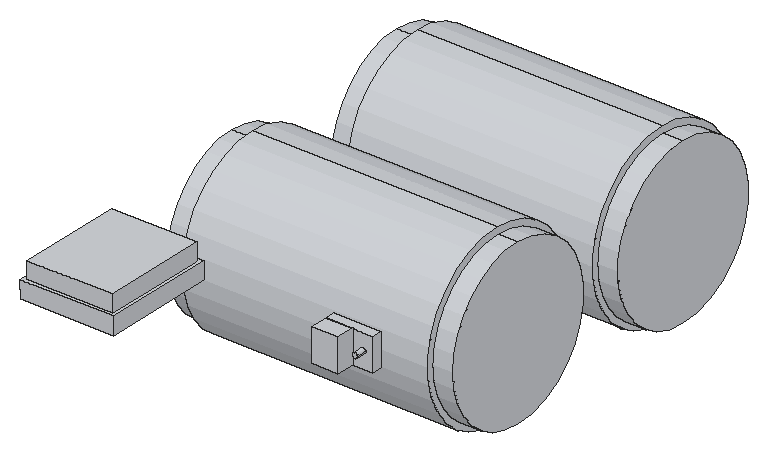
Revit family "SMART box 1  (supply-exhaust-controls)_2", category Příslušenství potrubí, Revit 2018
Family settings
  Kóta kulaté spojky = Použít průměr
  Typ dílu = Zalomí se do
  Číslo OmniClass = 23.75.00.00
  Nadpis OmniClass = Climate Control (HVAC)
  Založené na pracovní rovině = Ne
  Vždy vertikální = Ano
  Ořezat dutým tvarem při načtení = Ne
  Sdílené = Ne
Parameters (values of type "SMART Box 400 / 400")
  Width [instance] = 1.5 mm
  Weight [instance] = 18.00 kg
  URL = ""
  Type [instance] = "SMART Box 400 / 400"
  Total_SFP [instance] = 0
  Supply_outlet_hum [instance] = 0
  Supply_inlet_hum [instance] = 0
  Supply_ext_pressure [instance] = 0.0 Pa
  Supply_SFP [instance] = 0
  Source_adu_file [instance] = ""
  Recuperation_type [instance] = ""
  Recuperation_efficiency_EN308 [instance] = 0
  Project_name [instance] = ""
  Project_date [instance] = "23.8.2023"
  Power_supply_fusing [instance] = "0"
  Power_supply_cable [instance] = "0"
  Position [instance] = "SMART box 1  (supply-exhaust-controls)"
  Phases_count [instance] = 0
  Panel_thickness [instance] = 0.06 mm
  Outer_surface [instance] = "RAL 9002"
  Length [instance] = 0.7 mm
  Insulation_type [instance] = "PUR"
  Insulation_thickness [instance] = 0.05 mm
  Installation_environment [instance] = ""
  Input_power_max [instance] = 0 W
  Inner_surface [instance] = "Pozink"
  Height [instance] = 0.43 mm
  Exhaust_outlet_hum [instance] = 0
  Exhaust_inlet_hum [instance] = 40
  Exhaust_ext_pressure [instance] = 0.0 Pa
  Exhaust_SFP [instance] = 0
  E2 [instance] = 0.0 L/s
  I1 [instance] = 0.0 L/s
  Description = ""
  M1 [instance] = 0.0 L/s
  Device_dutypoint_version [instance] = "0"
  Device_design_version [instance] = "1"
  Device_adu_id [instance] = "2"
  Current_max [instance] = 0 A
  Casing_mat [instance] = "painted zinc layer"
  Cable type [instance] = ""
Reference planes
  plane 1 "Střed (vpředu/vzadu)": y = 0
  plane 2 "ref": z = 0
  plane 3 "Střed (vlevo/vpravo)": x = 0
Forms (mm)
  Sweep 1, solid
    path origin (50, 1188, 215) x (0, 0, -1) y (1, 0, 0)
      loop
        line (0, 0) -> (0, 600)
    profile origin (50, 1188, 215) x (0, 0, 1) y (0, -1, 0)
      loop
        circle (0, 0) r 215
  Sweep 2, solid
    path origin (50, 1188, 215) x (0, 0, -1) y (1, 0, 0)
      loop
        line (0, 0) -> (0, -50)
    profile origin (50, 1188, 215) x (0, 0, -1) y (0, -1, 0)
      loop
        circle (0, 0) r 200
  Sweep 3, solid
    path origin (650, 1188, 215) x (0, 0, -1) y (1, 0, 0)
      loop
        line (0, 0) -> (0, 50)
    profile origin (650, 1188, 215) x (0, 0, 1) y (0, -1, 0)
      loop
        circle (0, 0) r 200
  Sweep 4, solid
    path origin (0, 0, 175) x (0, 0, 1) y (1, 0, 0)
      loop
        line (0, 0) -> (80, 0)
    profile origin (0, 0, 175) x (1, 0, 0) y (0, 1, 0)
      loop
        line (163, 1403) -> (278, 1403) -> (278, 1427) -> (163, 1427) -> (163, 1403)
  Sweep 5, solid
    path origin (0, 0, 175) x (0, 0, 1) y (1, 0, 0)
      loop
        line (0, 0) -> (80, 0)
    profile origin (0, 0, 175) x (1, 0, 0) y (0, 1, 0)
      loop
        line (214, 1427) -> (278, 1427) -> (278, 1471) -> (214, 1471) -> (214, 1427)
  Sweep 6, solid
    path origin (188, 1427, 215) x (0, 1, 0) y (-1, 0, 0)
      loop
        line (0, 0) -> (24, 0)
    profile origin (188, 1427, 215) x (-1, 0, 0) y (0, 0, 1)
      loop
        circle (0, 0) r 6
  Sweep 7, solid
    path origin (50, 683, 215) x (0, 0, -1) y (1, 0, 0)
      loop
        line (0, 0) -> (0, 600)
    profile origin (50, 683, 215) x (0, 0, 1) y (0, -1, 0)
      loop
        circle (0, 0) r 215
  Sweep 8, solid
    path origin (50, 683, 215) x (0, 0, -1) y (1, 0, 0)
      loop
        line (0, 0) -> (0, -50)
    profile origin (50, 683, 215) x (0, 0, -1) y (0, -1, 0)
      loop
        circle (0, 0) r 200
  Sweep 9, solid
    path origin (650, 683, 215) x (0, 0, -1) y (1, 0, 0)
      loop
        line (0, 0) -> (0, 50)
    profile origin (650, 683, 215) x (0, 0, 1) y (0, -1, 0)
      loop
        circle (0, 0) r 200
  Sweep 10, solid
    path origin (0, 0, 175) x (0, 0, 1) y (1, 0, 0)
      loop
        line (0, 0) -> (80, 0)
    profile origin (0, 0, 175) x (1, 0, 0) y (0, 1, 0)
      loop
        line (422, 468) -> (422, 444) -> (537, 444) -> (537, 468) -> (422, 468)
  Sweep 11, solid
    path origin (0, 0, 175) x (0, 0, 1) y (1, 0, 0)
      loop
        line (0, 0) -> (80, 0)
    profile origin (0, 0, 175) x (1, 0, 0) y (0, 1, 0)
      loop
        line (422, 444) -> (422, 400) -> (486, 400) -> (486, 444) -> (422, 444)
  Sweep 12, solid
    path origin (512, 444, 215) x (0, 1, 0) y (-1, 0, 0)
      loop
        line (0, 0) -> (-24, 0)
    profile origin (512, 444, 215) x (1, 0, 0) y (0, 0, 1)
      loop
        circle (0, 0) r 6
  Sweep 13, solid
    path origin (0, 0, 373) x (0, 0, 1) y (1, 0, 0)
      loop
        line (0, 0) -> (42, 0)
    profile origin (0, 0, 373) x (1, 0, 0) y (0, 1, 0)
      loop
        line (13, 40) -> (222, 40) -> (222, 298) -> (13, 298) -> (13, 40)
  Sweep 14, solid
    path origin (0, 0, 332) x (0, 0, 1) y (1, 0, 0)
      loop
        line (0, 0) -> (42, 0)
    profile origin (0, 0, 332) x (1, 0, 0) y (0, 1, 0)
      loop
        line (4, 30) -> (232, 30) -> (232, 308) -> (4, 308) -> (4, 30)
Lines and regions (mm)
  model lines
    curve 1: line (100, 0, 430) -> (100, 468, 430)
    curve 2: line (100, 468, 430) -> (135, 468, 430)
    curve 3: line (135, 468, 430) -> (135, 0, 430)
    curve 4: line (135, 0, 430) -> (100, 0, 430)
    curve 5: line (100, 0, 415) -> (100, 468, 415)
    curve 6: line (100, 468, 415) -> (135, 468, 415)
    curve 7: line (135, 468, 415) -> (135, 0, 415)
    curve 8: line (135, 0, 415) -> (100, 0, 415)
    curve 9: line (100, 0, 415) -> (100, 0, 430)
    curve 10: line (100, 0, 430) -> (100, 468, 430)
    curve 11: line (100, 468, 430) -> (100, 468, 415)
    curve 12: line (100, 468, 415) -> (100, 0, 415)
    curve 13: line (135, 0, 415) -> (135, 0, 430)
    curve 14: line (135, 0, 430) -> (135, 468, 430)
    curve 15: line (135, 468, 430) -> (135, 468, 415)
    curve 16: line (135, 468, 415) -> (135, 0, 415)
    curve 17: line (100, 468, 430) -> (100, 973, 430)
    curve 18: line (100, 973, 430) -> (135, 973, 430)
    curve 19: line (135, 973, 430) -> (135, 468, 430)
    curve 20: line (135, 468, 430) -> (100, 468, 430)
    curve 21: line (100, 468, 415) -> (100, 973, 415)
    curve 22: line (100, 973, 415) -> (135, 973, 415)
    curve 23: line (135, 973, 415) -> (135, 468, 415)
    curve 24: line (135, 468, 415) -> (100, 468, 415)
    curve 25: line (100, 468, 415) -> (100, 468, 430)
    curve 26: line (100, 468, 430) -> (100, 973, 430)
    curve 27: line (100, 973, 430) -> (100, 973, 415)
    curve 28: line (100, 973, 415) -> (100, 468, 415)
    curve 29: line (135, 468, 415) -> (135, 468, 430)
    curve 30: line (135, 468, 430) -> (135, 973, 430)
    curve 31: line (135, 973, 430) -> (135, 973, 415)
    curve 32: line (135, 973, 415) -> (135, 468, 415)
    curve 33: line (100, 973, 430) -> (100, 1500, 430)
    curve 34: line (100, 1500, 430) -> (135, 1500, 430)
    curve 35: line (135, 1500, 430) -> (135, 973, 430)
    curve 36: line (135, 973, 430) -> (100, 973, 430)
    curve 37: line (100, 973, 415) -> (100, 1500, 415)
    curve 38: line (100, 1500, 415) -> (135, 1500, 415)
    curve 39: line (135, 1500, 415) -> (135, 973, 415)
    curve 40: line (135, 973, 415) -> (100, 973, 415)
    curve 41: line (100, 973, 415) -> (100, 973, 430)
    curve 42: line (100, 973, 430) -> (100, 1500, 430)
    curve 43: line (100, 1500, 430) -> (100, 1500, 415)
    curve 44: line (100, 1500, 415) -> (100, 973, 415)
    curve 45: line (135, 973, 415) -> (135, 973, 430)
    curve 46: line (135, 973, 430) -> (135, 1500, 430)
    curve 47: line (135, 1500, 430) -> (135, 1500, 415)
    curve 48: line (135, 1500, 415) -> (135, 973, 415)
    curve 49: line (100, 750, 415) -> (100, 750, 430)
    curve 50: line (100, 750, 430) -> (135, 750, 430)
    curve 51: line (135, 750, 430) -> (135, 750, 415)
    curve 52: line (135, 750, 415) -> (100, 750, 415)
    curve 53: line (100, 1500, 415) -> (100, 1500, 430)
    curve 54: line (100, 1500, 430) -> (135, 1500, 430)
    curve 55: line (135, 1500, 430) -> (135, 1500, 415)
    curve 56: line (135, 1500, 415) -> (100, 1500, 415)
    curve 57: line (100, 0, 415) -> (100, 0, 430)
    curve 58: line (100, 0, 430) -> (135, 0, 430)
    curve 59: line (135, 0, 430) -> (135, 0, 415)
    curve 60: line (135, 0, 415) -> (100, 0, 415)
    curve 61: line (565, 371, 430) -> (565, 468, 430)
    curve 62: line (565, 468, 430) -> (600, 468, 430)
    curve 63: line (600, 468, 430) -> (600, 371, 430)
    curve 64: line (600, 371, 430) -> (565, 371, 430)
    curve 65: line (565, 371, 415) -> (565, 468, 415)
    curve 66: line (565, 468, 415) -> (600, 468, 415)
    curve 67: line (600, 468, 415) -> (600, 371, 415)
    curve 68: line (600, 371, 415) -> (565, 371, 415)
    curve 69: line (565, 371, 415) -> (565, 371, 430)
    curve 70: line (565, 371, 430) -> (565, 468, 430)
    curve 71: line (565, 468, 430) -> (565, 468, 415)
    curve 72: line (565, 468, 415) -> (565, 371, 415)
    curve 73: line (600, 371, 415) -> (600, 371, 430)
    curve 74: line (600, 371, 430) -> (600, 468, 430)
    curve 75: line (600, 468, 430) -> (600, 468, 415)
    curve 76: line (600, 468, 415) -> (600, 371, 415)
    curve 77: line (565, 468, 430) -> (565, 973, 430)
    curve 78: line (565, 973, 430) -> (600, 973, 430)
    curve 79: line (600, 973, 430) -> (600, 468, 430)
    curve 80: line (600, 468, 430) -> (565, 468, 430)
    curve 81: line (565, 468, 415) -> (565, 973, 415)
    curve 82: line (565, 973, 415) -> (600, 973, 415)
    curve 83: line (600, 973, 415) -> (600, 468, 415)
    curve 84: line (600, 468, 415) -> (565, 468, 415)
    curve 85: line (565, 468, 415) -> (565, 468, 430)
    curve 86: line (565, 468, 430) -> (565, 973, 430)
    curve 87: line (565, 973, 430) -> (565, 973, 415)
    curve 88: line (565, 973, 415) -> (565, 468, 415)
    curve 89: line (600, 468, 415) -> (600, 468, 430)
    curve 90: line (600, 468, 430) -> (600, 973, 430)
    curve 91: line (600, 973, 430) -> (600, 973, 415)
    curve 92: line (600, 973, 415) -> (600, 468, 415)
    curve 93: line (565, 973, 430) -> (565, 1500, 430)
    curve 94: line (565, 1500, 430) -> (600, 1500, 430)
    curve 95: line (600, 1500, 430) -> (600, 973, 430)
    curve 96: line (600, 973, 430) -> (565, 973, 430)
    curve 97: line (565, 973, 415) -> (565, 1500, 415)
    curve 98: line (565, 1500, 415) -> (600, 1500, 415)
    curve 99: line (600, 1500, 415) -> (600, 973, 415)
    curve 100: line (600, 973, 415) -> (565, 973, 415)
    curve 101: line (565, 973, 415) -> (565, 973, 430)
    curve 102: line (565, 973, 430) -> (565, 1500, 430)
    curve 103: line (565, 1500, 430) -> (565, 1500, 415)
    curve 104: line (565, 1500, 415) -> (565, 973, 415)
    curve 105: line (600, 973, 415) -> (600, 973, 430)
    curve 106: line (600, 973, 430) -> (600, 1500, 430)
    curve 107: line (600, 1500, 430) -> (600, 1500, 415)
    curve 108: line (600, 1500, 415) -> (600, 973, 415)
    curve 109: line (600, 935, 415) -> (600, 935, 430)
    curve 110: line (600, 935, 430) -> (565, 935, 430)
    curve 111: line (565, 935, 430) -> (565, 935, 415)
    curve 112: line (565, 935, 415) -> (600, 935, 415)
    curve 113: line (600, 1500, 415) -> (600, 1500, 430)
    curve 114: line (600, 1500, 430) -> (565, 1500, 430)
    curve 115: line (565, 1500, 430) -> (565, 1500, 415)
    curve 116: line (565, 1500, 415) -> (600, 1500, 415)
    curve 117: line (600, 371, 415) -> (600, 371, 430)
    curve 118: line (600, 371, 430) -> (565, 371, 430)
    curve 119: line (565, 371, 430) -> (565, 371, 415)
    curve 120: line (565, 371, 415) -> (600, 371, 415)
    curve 121: line (544, 1222, 430) -> (544, 1154, 430)
    curve 122: line (544, 1154, 430) -> (443, 1154, 430)
    curve 123: line (443, 1154, 430) -> (443, 1102, 430)
    curve 124: line (443, 1102, 430) -> (389, 1188, 430)
    curve 125: line (389, 1188, 430) -> (443, 1274, 430)
    curve 126: line (443, 1274, 430) -> (443, 1222, 430)
    curve 127: line (443, 1222, 430) -> (544, 1222, 430)
    curve 128: line (156, 649, 430) -> (156, 717, 430)
    curve 129: line (156, 717, 430) -> (257, 717, 430)
    curve 130: line (257, 717, 430) -> (257, 769, 430)
    curve 131: line (257, 769, 430) -> (311, 683, 430)
    curve 132: line (311, 683, 430) -> (257, 597, 430)
    curve 133: line (257, 597, 430) -> (257, 649, 430)
    curve 134: line (257, 649, 430) -> (156, 649, 430)
    curve 135: line (49, 252, 415) -> (26, 152, 415)
    curve 136: line (26, 152, 415) -> (72, 186, 415)
    curve 137: line (72, 186, 415) -> (49, 86, 415)
    curve 138: line (51, 129, 415) -> (49, 86, 415)
    curve 139: line (49, 86, 415) -> (67, 126, 415)
    curve 140: line (222, 194, 373) -> (222, 164, 396)
    curve 141: line (222, 164, 396) -> (222, 174, 351)
    curve 142: line (222, 174, 351) -> (222, 144, 373)
    curve 143: line (222, 157, 371) -> (222, 144, 373)
    curve 144: line (222, 144, 373) -> (222, 156, 355)
    curve 145: line (13, 194, 373) -> (13, 164, 351)
    curve 146: line (13, 164, 351) -> (13, 174, 396)
    curve 147: line (13, 174, 396) -> (13, 144, 373)
    curve 148: line (13, 157, 376) -> (13, 144, 373)
    curve 149: line (13, 144, 373) -> (13, 156, 392)
    curve 150: circle (117, 1485, 415) r 4 normal (0, 0, 1)
    curve 151: circle (117, 15, 415) r 4 normal (0, 0, 1)
    curve 152: circle (117, 1485, 430) r 4 normal (0, 0, 1)
    curve 153: circle (117, 15, 430) r 4 normal (0, 0, 1)
    curve 154: circle (583, 1485, 415) r 4 normal (0, 0, 1)
    curve 155: circle (583, 386, 415) r 4 normal (0, 0, 1)
    curve 156: circle (583, 1485, 430) r 4 normal (0, 0, 1)
    curve 157: circle (583, 386, 430) r 4 normal (0, 0, 1)
    curve 158: circle (50, 1188, 215) r 215 normal (1, 0, 0)
    curve 159: circle (650, 1188, 215) r 215 normal (1, 0, 0)
    curve 160: circle (650, 1188, 215) r 200 normal (1, 0, 0)
    curve 161: circle (50, 1188, 215) r 200 normal (1, 0, 0)
    curve 162: circle (50, 683, 215) r 215 normal (1, 0, 0)
    curve 163: circle (650, 683, 215) r 215 normal (1, 0, 0)
    curve 164: circle (650, 683, 215) r 200 normal (1, 0, 0)
    curve 165: circle (50, 683, 215) r 200 normal (1, 0, 0)
Dimensions and locks
  aligned and locked: level to plane 2 "ref"
Connectors
  hvac at (0, 1188, 215), driven by "E2"
    settings: on Sweep 2, index 1, duct flow 0.0 L/s, flow factor 1, pres drop 0.0 Pa, loss coef 0, conn angle 0.00°, conn width 304.8 mm, conn height 304.8 mm, conn diameter 400 mm, duct sys type 1, conn prof type 0, flow config 2, flow direction 2, loss method 0, conn ref index -1, conn util no, is conn primary yes, conn desc ""
  hvac at (700, 1188, 215), driven by "E2"
    settings: on Sweep 3, index 2, duct flow 0.0 L/s, flow factor 0, pres drop 0.0 Pa, loss coef 0, conn angle 0.00°, conn width 304.8 mm, conn height 304.8 mm, conn diameter 400 mm, duct sys type 1, conn prof type 0, flow config 1, flow direction 1, loss method 0, conn ref index -1, conn util no, is conn primary no, conn desc ""
  hvac at (0, 683, 215), driven by "I1"
    settings: on Sweep 8, index 3, duct flow 0.0 L/s, flow factor 1, pres drop 0.0 Pa, loss coef 0, conn angle 0.00°, conn width 304.8 mm, conn height 304.8 mm, conn diameter 400 mm, duct sys type 3, conn prof type 0, flow config 2, flow direction 1, loss method 0, conn ref index -1, conn util no, is conn primary no, conn desc ""
  hvac at (700, 683, 215), driven by "I1"
    settings: on Sweep 9, index 4, duct flow 0.0 L/s, flow factor 0, pres drop 0.0 Pa, loss coef 0, conn angle 0.00°, conn width 304.8 mm, conn height 304.8 mm, conn diameter 400 mm, duct sys type 3, conn prof type 0, flow config 1, flow direction 2, loss method 0, conn ref index -1, conn util no, is conn primary no, conn desc ""
